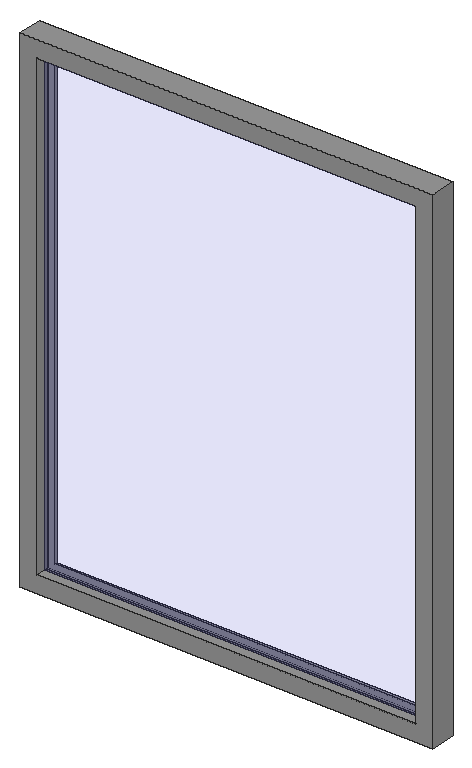
Revit family "2014_Ventana_Carpinteria-Fija-1-Hoja_Alugom_Serie-ALG-75-Máxima", category Ventanas, Revit 2014
Parameters (values of type "Ventana 1 Hoja Fija 1230x1480 mm")
  Uniclass 2.0 Descripción = "Door and window systems"  # constant formula
  Uniclass 2.0 Código = "25-30"  # constant formula
  URL Producto = "http://www.alugom.com/Catalogo/tabid/336/ProdID/31/Language/es-ES/CatID/2/ventana_practicable_de_camara_europea_de_75_mm_con_RPT.aspx"
  URL Poliamida – Catálogo = "http://www.technoform.com/fileadmin/Technoform_Bautec/standardprofiles.html"
  URL Poliamida = "http://www.technoform.es/"
  URL = "http://www.alugom.com/"
  UNSPSC Código = "Windows"  # constant formula
  UNSPSC Categoría = "30171600"  # constant formula
  Transmitancia térmica** = "1.3 W(m²K)"  # constant formula
  Teléfono de Contacto = "+34 91 616 47 27"  # constant formula
  Sección de Marco = 75.00 mm  # constant formula
  Resistencia al viento* = "CLASE C5"  # constant formula
  Poliamida = Poliamida, Technoform Bautec, PA66 GF 25
  Peso máxima por hoja [instance] = "120 Kg"
  Permeabilidad al aire* = "CLASE 4"  # constant formula
  PERFILES_Junquillo 22mm_Vertical = 2
  PERFILES_Junquillo 22mm_Horizontal = 2
  PERFILES_8428-Vierteaguas_Horizontal = 1
  PERFILES_8412-Pletina falleba_Vertical = 0
  PERFILES_16070H-Cerco ventana alg 75_Vertical = 2
  PERFILES_16070H-Cerco ventana alg 75_Horizontal = 2
  Omniclass Título = "Casment Window"  # constant formula
  Omniclass Código = "23.30.20.17.21.21"  # constant formula
  Modelo = "Serie ALG 75 MAXIMA"  # constant formula
  Masterformat Descripción = "Aluminium Windows"  # constant formula
  Masterformat Código = "08 51 13"  # constant formula
  Marco = Aluminio
  IFC Clasificación = ""
  Grosor Acristalamiento Control = if(Grosor Acristalamiento < 26.50 mm, 26.50 mm, if(Grosor Acristalamiento > 60.50 mm, 60.50 mm, Grosor Acristalamiento))  # 39.00 mm
  Grosor Acristalamiento = 39.00 mm
  Fecha Revisión de Contenido = "20/10/2015"  # constant formula
  Fecha de Caducidad de la Información = "01/01/2016"  # constant formula
  Fabricante = "Grupo ALUGOM"  # constant formula
  Estanqueidad al aire* = "CLASE E1650"  # constant formula
  Email de Contacto = "alugom@alugom.com"  # constant formula
  Detalle Perfileria 16070H + Junquillo [instance] = yes
  Desfase Interior Real [instance] = Desfase Interior + 75.00 mm  # 75.00 mm
  Desfase Interior [instance] = 0.00 mm
  Descripción = "Ventana 1 hoja fija con rotura de puente térmico"  # constant formula
  Creado por = "Bimetica Parametric Design Services S.L."  # constant formula
  Configuración de Poliamidas = "Poliamidas P66 GF25 Technoform Bautec de la serie Standar. Referencias: 429300, 268400"  # constant formula
  Comentarios de tipo = "UNA VENTANA TOP CON LA EFICIENCIA ENERGETICA DEL FUTURO\r\nCon la nueva ALG 75 MAXIMA y su valor medio Uf de 1,26 W/m2K el ahorro en calefacción está asegurado. Este sistema de carpintería posee una eficiencia energética mayor que muchas ventanas de PVC o madera, satisfaciendo los requisitos mas exigentes en aislamiento térmico. Y todo ello, sin renunciar a las ventajas de resistencia, durabilidad, elegancia y posibilidades de diseño del aluminio. Estos increíbles valores de aislamiento térmico se consiguen mediante las poliamidas de 'alas' y 'celdas', la doble junta central y la colocación de 'foam' por debajo del cristal.\r\nSe trata de un sistema de carpintería de tres cámaras con rotura de puente térmico para puertas y ventanas, que con un diseño robusto, una gran versatilidad  y un alto aislamiento térmico, está especialmente diseñado para que el montaje sea fácil. La hoja de 81 mm de esta ventana permite hasta 60 mm de galce, pudiéndose realizar grandes ventanales para mejorar el confort y la luminosidad de las viviendas o edificios. \r\n\r\nVentana de elegante sofisticación ideal para quien busque una arquitectura sostenible con un diseño vanguardista."  # constant formula
  COBie Categoría = ""
  Bimetica = "http://www.bimetica.com"
  Anchura Real = if(Anchura < 500.00 mm, 500.00 mm, if(Anchura > 1700.00 mm, 1700.00 mm, Anchura))  # 1230.00 mm
  Altura Real = if(Altura < 500.00 mm, 500.00 mm, if(Altura > 2500.00 mm, 2500.00 mm, Altura))  # 1480.00 mm
  Altura Cristal = Altura - 33.00 mm  # 1447.00 mm
  Altura Hoja = Altura - 27.00 mm  # 1453.00 mm
  Altura = 1480.00 mm
  Altura de antepecho por defecto = 900.00 mm
  Cierre de muro = Por anfitrión
  Anchura = 1230.00 mm
  Aislamiento acústico*** = "44 (-1,-5) dB"  # constant formula
  Acristalamiento = Vidrio
  ACCESORIOS_5105-Ángulo vulcanizado junta central = 4
  ACCESORIOS_5085 Junta perimetral hoja alg (L) = 2
  ACCESORIOS_5085 Junta perimetral hoja alg (H) = 2
  ACCESORIOS_4850-Junta exterior acrist. c/alas (L) = 2
  ACCESORIOS_4850-Junta exterior acrist. c/alas (H) = 2
  ACCESORIOS_4847-Escuadra cerco-hoja = 8
  ACCESORIOS_4739-Terminal pletina metálico = 2
  ACCESORIOS_4720-Cerradero lateral doble = 2
  ACCESORIOS_4710-Escuadra alineamiento (14mm) = 12
  ACCESORIOS_4613-Mecanismo cuadradillo pract. = 1
  ACCESORIOS_4337-Embellecedor salida agua = 2
  ACCESORIOS_4008-Patín apoyo hoja = 1
  ACCESORIOS_1306-Escuadra exterior = 8
  *** Info = "Ventana de 2 hojas de 1230x1480 mm; Vidrio Rw: 40 (-2,-6) dB"  # constant formula
  ** Info = "Ventana de 1 hoja de 1230x1480 mm; Vidrio Uv: 0,7W(m²K) "  # constant formula
  * Info = "Ventana de 1 hoja fija de 1230x1480 mm"  # constant formula
Reference planes
  plane 1 "Centro (Frontal/Posterior)": y = 0
  plane 2 "Centro (Izquierda/Derecha)": x = 0
  plane 3 "Izquierda": x = -615
  plane 4 "Derecha": x = 615
  plane 5 "Antepecho": z = 900
  plane 6 "Extremo inicial": z = 2380
  plane 7 "Exterior": y = 100
  plane 8 "Interior": y = -100
  plane 9 "centro carpinteria": y = -25
Forms (mm)
  Sweep 1, solid, material "Aluminio" <- "Marco", detail levels medium+fine
    path origin (0, -25, 0) x (-1, 0, 0) y (0, 0, 1)
      loop
        line (-615, 2380) -> (-615, 900) -> (615, 900) -> (615, 2380) -> (-615, 2380)
    profile origin (615, -25, 1640) x (0, 1, 0) y (-1, 0, 0)
      loop
        line (0, 0) -> (0, 49) -> (-8.203, 49) -> (-8.203, 27) -> (-27.703, 27) -> (-47.203, 27) -> (-47.203, 49) -> (-74.919, 49) -> (-74.919, 0) -> (0, 0)
  Sweep 2, solid, material "Aluminio" <- "Marco", detail levels coarse
    path origin (0, -25, 0) x (-1, 0, 0) y (0, 0, 1)
      loop
        line (-615, 2380) -> (-615, 900) -> (615, 900) -> (615, 2380) -> (-615, 2380)
    profile origin (0, -25, 2380) x (0, 0, 1) y (0, 1, 0)
      loop
        line (0, 0) -> (-49, 0) -> (-49, -75) -> (0, -75) -> (0, 0)
  Extrusion 3, solid, material "Vidrio" <- "Acristalamiento"
    sketch origin (0, 0, 900) x (0, -1, 0) y (1, 0, 0)
      loop
        line (33.203, -582) -> (72.203, -582) -> (72.203, 582) -> (33.203, 582) -> (33.203, -582)
    from 33 to 1447 <- "Altura Cristal"
Lines and regions (mm)
  Opening 1
    outline origin (3500, -100, 0) x (1, 0, 0) y (0, 0, 1)
      loop
        line (-2885, 900) -> (-2885, 2380) -> (-4115, 2380) -> (-4115, 900) -> (-2885, 900)
  model lines
    curve 1: line (-615, -25, 2380) -> (615, -25, 2380)
    curve 2: line (615, -25, 2380) -> (615, -25, 900)
    curve 3: line (615, -25, 900) -> (-615, -25, 900)
    curve 4: line (-615, -25, 900) -> (-615, -25, 2380)
  symbolic lines, style "WindowsGlassProjection", detail levels medium+fine
    curve 5: line (-582, -67.203, 900) -> (582, -67.203, 900)
    curve 6: line (582, -38.203, 900) -> (-582, -38.203, 900)
    curve 7: line (582, -50.203, 900) -> (-582, -50.203, 900)
    curve 8: line (582, -55.203, 900) -> (-582, -55.203, 900)
    curve 9: line (-615, -38.203, 2347) -> (-615, -38.203, 933)
    curve 10: line (-615, -50.203, 2347) -> (-615, -50.203, 933)
    curve 11: line (-615, -55.203, 2347) -> (-615, -55.203, 933)
    curve 12: line (-615, -67.203, 2347) -> (-615, -67.203, 933)
    curve 13: line (-582, -72.203, 900) -> (-582, -33.203, 900)
    curve 14: line (582, -72.203, 900) -> (582, -33.203, 900)
Text (mm)
  text "EXTERIOR" at (-1963.203, 1332.353, 0), in view "Nivel de referencia"
  text "INTERIOR" at (-1981.466, -818.386, 0), in view "Nivel de referencia"
  text "Exterior" at (0, 923.751, 2943.296), in view "Derecha"
  text "Exterior" at (0, 1040.484, 2685.409), in view "Izquierda"
Dimensions and locks
  equal spacing: plane 3 "Izquierda", plane 2 "Centro (Izquierda/Derecha)", plane 4 "Derecha"
  "Anchura Real": plane 3 "Izquierda" to plane 4 "Derecha"
  "Altura Real": plane 5 "Antepecho" to plane 6 "Extremo inicial"
  "Altura de antepecho por defecto": plane 5 "Antepecho" to level
  locked: plane 7 "Exterior" to host wall at 0
  locked: plane 8 "Interior" to host wall
  Sweep 2 sketch curve to profile plane = 75.00 mm
  Sweep 2 sketch curve to plane 6 "Extremo inicial" = 49.00 mm
  plane 6 "Extremo inicial" to plane 5 "Antepecho" = 1480.00 mm
  "Desfase Interior Real": plane 9 "centro carpinteria" to plane 8 "Interior"
  plane 3 "Izquierda" to curve 6 = 33.00 mm
  plane 3 "Izquierda" to curve 5 = 33.00 mm
  curve 6 to plane 4 "Derecha" = 33.00 mm
  curve 5 to plane 4 "Derecha" = 33.00 mm
  plane 9 "centro carpinteria" to curve 9 to curve 10 to curve 11 to curve 12 = 13.203 mm locked, 12.00 mm locked, 5.00 mm locked, 12.00 mm locked
  equal spacing: Sweep 1 sketch curve, Sweep 1 sketch curve, Sweep 1 sketch curve
  "Grosor Acristalamiento Control": Sweep 1 sketch curve to Sweep 1 sketch curve
  locked: Extrusion 3 sketch curve to plane 4 "Derecha" at 33
  locked: plane 3 "Izquierda" to Extrusion 3 sketch curve at 33
  locked: Extrusion 3 to curve 5 at 5
  locked: Extrusion 3 to curve 6 at 5
  plane 9 "centro carpinteria" to curve 7 to curve 8 = 25.203 mm locked, 5.00 mm locked
  plane 9 "centro carpinteria" to Sweep 1 sketch curve to Sweep 1 sketch curve = 27.703 mm locked, 47.215 mm locked
  locked: Sweep 1 sketch curve to plane 4 "Derecha" at 49  (x2)
  locked: Sweep 1 sketch curve to plane 4 "Derecha" at 27
  locked: plane 3 "Izquierda" to Extrusion 3 at 33  (x2)
  locked: Extrusion 3 to plane 4 "Derecha" at 33
  locked: plane 3 "Izquierda" to curve 13 at 33
  locked: curve 14 to plane 4 "Derecha" at 33
  aligned and locked: Sweep 2 sketch curve to plane 6 "Extremo inicial"
  aligned and locked: plane 3 "Izquierda" to Sweep 2 sketch curve
  aligned and locked: plane 5 "Antepecho" to Sweep 2 sketch curve
  aligned and locked: Sweep 2 sketch curve to plane 4 "Derecha"
  aligned and locked: Sweep 2 sketch curve to profile plane
  aligned and locked: plane 9 "centro carpinteria" to Sweep 2 sketch curve
  aligned and locked: profile plane to Sweep 1 sketch curve
  aligned and locked: Sweep 1 sketch curve to profile plane
  aligned and locked: Sweep 2 to plane 4 "Derecha"
  aligned and locked: plane 9 "centro carpinteria" to Sweep 2
  aligned and locked: nested 1 to plane 6 "Extremo inicial"
  aligned and locked: nested 1 to plane 9 "centro carpinteria"
  aligned and locked: nested 2 to plane 5 "Antepecho"
  aligned and locked: plane 9 "centro carpinteria" to nested 2
  aligned and locked: Extrusion 3 to curve 9  (x2)
  aligned and locked: Extrusion 3 to curve 10  (x2)
  aligned and locked: Extrusion 3 to curve 11  (x2)
  aligned and locked: Extrusion 3 to curve 12  (x2)
  aligned and locked: Sweep 1 to Extrusion 3 sketch curve  (x2)
  aligned and locked: plane 9 "centro carpinteria" to nested 3
  aligned and locked: plane 4 "Derecha" to nested 3
  aligned and locked: nested 4 to plane 9 "centro carpinteria"
  aligned and locked: plane 3 "Izquierda" to nested 4
  aligned and locked: Extrusion 3 to curve 13
  aligned and locked: curve 13 to Extrusion 3
  aligned and locked: Sweep 1 to curve 14  (x2)
Automatic sketch dimensions
  plane 3 "Izquierda" to Opening 1 sketch curve = 0.00 mm
  plane 4 "Derecha" to Opening 1 sketch curve = 0.00 mm
  Opening 1 sketch curve to plane 5 "Antepecho" = 0.00 mm
  Opening 1 sketch curve to plane 6 "Extremo inicial" = 0.00 mm
  plane 4 "Derecha" to curve 1 = 0.00 mm
  plane 3 "Izquierda" to curve 3 = 0.00 mm
  curve 3 to plane 5 "Antepecho" = 0.00 mm
  curve 2 to plane 6 "Extremo inicial" = 0.00 mm
  plane 4 "Derecha" to Sweep 1 sketch curve = 0.00 mm
  plane 3 "Izquierda" to Sweep 1 sketch curve = 0.00 mm
  Sweep 1 sketch curve to plane 5 "Antepecho" = 0.00 mm
  Sweep 1 sketch curve to plane 6 "Extremo inicial" = 0.00 mm
Nested families
  nested 1: "16070H+Junquillo" at (-615, -25, 2380) x (0, 0, 1) z (-1, 0, 0), visible <- "Detalle Perfileria 16070H + Junquillo", type "16070H+Junquillo", detail levels fine
  nested 2: "16070H+Junquillo" at (-615, -25, 900) x (0, 0, -1) z (-1, 0, 0), visible <- "Detalle Perfileria 16070H + Junquillo", type "16070H+Junquillo", detail levels fine
  nested 3: "16070H+Junquillo" at (615, -25, 900) x (1, 0, 0) z (0, 0, -1), visible <- "Detalle Perfileria 16070H + Junquillo", type "16070H+Junquillo", detail levels fine
  nested 4: "16070H+Junquillo" at (-615, -25, 900) x (-1, 0, 0) z (0, 0, -1), visible <- "Detalle Perfileria 16070H + Junquillo", type "16070H+Junquillo", detail levels fine
Definition of nested family "16070H+Junquillo"
  Reference planes
    plane 1: y = 0
    plane 2: x = 0
